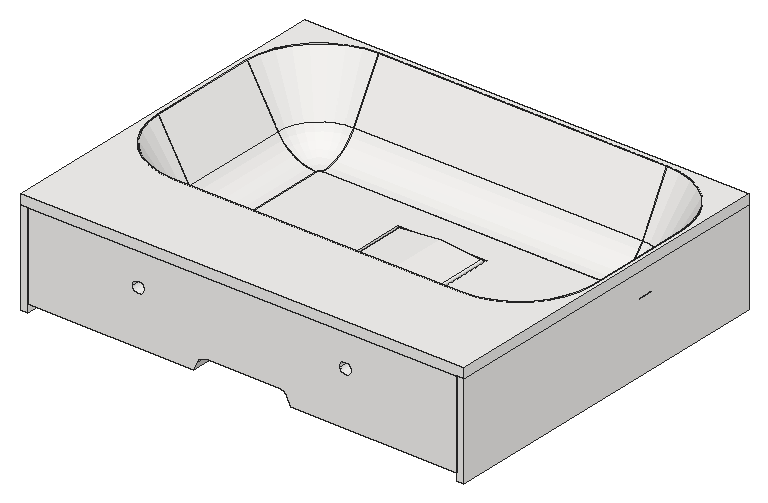
Revit family "Washbasins-hansgrohe-61095XXX-Xevolos E Countertop basin ground 600_480 without tap hole and overflow, SmartClean", category Plumbing Fixtures, Revit 2019
Family settings
  Round Connector Dimension = Use Diameter
  Part Type = Valve - Breaks Into
  OmniClass Number = 23.31.13.00
  Work Plane-Based = No
  Always vertical = Yes
  Cut with Voids When Loaded = No
  Shared = Yes
  Room Calculation Point = No
Parameters (values of type "61095-61095450-GLOSSY_WHITE-400")
  X2 = 0
  X1 = 280
  WEIGHT = "17"
  UNSPSC = "301815 | Sanitary ware"
  UNIFORMATII = "D2010 | Plumbing Fixtures"
  UNICLASS_2015_CODE = "40_20_96"
  UNICLASS2015 = "Pr_40_20_96 | Wash basins, sinks and troughs"
  TYP = 1
  TAP = 0
  SURFACE = "GLOSSY_WHITE"
  SPECIFICATION = "Surfaces:  - 61095450 White   Specification:  • consists of: countertop basin ground, waste set, cover  • material: ceramic  • SmartClean: dirt-repellent glaze • degree of gloss: glossy  • ceramic cover included • without tap hole • without overflow • without shelf • non-closing waste set • 600 x 480 mm • type of installation: built on and wall mounted  • suitable for cabinet"
  REGION = "Worldwide"
  PRODUCTURL = "https://pro.hansgrohe.com/articledetail--61095450"
  PRODUCTGROUP = "Washbasins"
  PRODUCTFAMILY = "Xevolos E"
  PERMALINK = "61095XXX"
  OMNICLASS = "23-31 13 00 | Sinks"
  OBJECTTYPE = "Object (single object)"
  NN = "Xevolos Washbasin"
  NBSYN = "$BASENUMBER.-$ARTNR.-$SURFACE.-$LODLEVEL."
  NB = "61095-61095450-GLOSSY_WHITE-400"
  NAME = "Xevolos E Countertop basin ground 600/480 without tap hole and overflow, SmartClean"
  Model = "61095-61095450-GLOSSY_WHITE-400"
  Manufacturer = "Hansgrohe"
  MIdent = "{$CADENAS_DATA/23d-libs/hansgrohe/xevolos_washbasin/xevolos_washbasin.prj},222 {VTYP=3D},{NB=61095-61095450-GLOSSY_WHITE-400},{LINA=61095-61095450-GLOSSY_WHITE-400},{NN=Xevolos Washbasin},{DATE=13.03.2023 11:34:45},{GEOMDATE=13.03.2023 11:34:00},{VERSION=},{LINEID=810},{WBVAR=LODLEVEL},{WBNUMERIC=}  {NB=61095-61095450-GLOSSY_WHITE-400},{LINA=61095-61095450-GLOSSY_WHITE-400},{KT=DUMMY},{IDNR=8},{ARTNR=61095450},{BASENUMBER=61095},{MODEL=61095XXX},{SURFACE=GLOSSY_WHITE},{LODLEVEL=400},{LODLEVELX='400','400','200','200'},{L=600.000},{LI=370.000},{X1=280.000},{X2=0.000},{DO=46.000},{DOT=35.000},{TAP=0},{TYP=1},{NAME=Xevolos E Countertop basin ground 600/480 without tap hole and overflow, SmartClean},{PERMALINK=61095XXX},{OBJECTTYPE=Object (single object)},{BIMOBJECT=Sanitary: Wash Basins},{PRODUCTFAMILY=Xevolos E},{PRODUCTGROUP=Washbasins},{WEIGHT=17},{DESCRIPTION=Xevolos E Countertop basin ground 600/480 without tap hole and overflow, SmartClean},{SPECIFICATION=Surfaces:  - 61095450 White   Specification:  • consists of: countertop basin ground, waste set, cover  • material: ceramic  • SmartClean: dirt-repellent glaze • degree of gloss: glossy  • ceramic cover included • without tap hole • without overflow • without shelf • non-closing waste set • 600 x 480 mm • type of installation: built on and wall mounted  • suitable for cabinet},{PRODUCTURL=https://pro.hansgrohe.com/articledetail--61095450},{GTINCODE=4059625420843},{IFC=Sanitary Terminal},{ETIM=EC011550 | Washbasin},{UNICLASS2015=Pr_40_20_96 | Wash basins, sinks and troughs},{OMNICLASS=23-31 13 00 | Sinks},{MASTERFORMAT=22 41 16.13 | Residential Lavatories},{UNSPSC=301815 | Sanitary ware},{UNIFORMATII=D2010 | Plumbing Fixtures},{REGION=Worldwide},{DESIGN=Germany},{MANUFACTURER=Germany}"
  MASTERFORMAT = "22 41 16.13 | Residential Lavatories"
  LODLEVEL = "400"
  LINA = "61095-61095450-GLOSSY_WHITE-400"
  LI = 370
  L = 600
  IFC = "Sanitary Terminal"
  GTINCODE = "4059625420843"
  ETIM = "EC011550 | Washbasin"
  DOT = 35
  DO = 46
  DESIGN = "Germany"
  CNSPipeRound/cp_Ausgang_1_V = no
  CATALOG = "Hansgrohe"
  BIMOBJECT = "Sanitary: Wash Basins"
  BASENUMBER = "61095"
  ARTNR = "61095450"
  61095-61095450-GLOSSY_WHITE-400_RX0RY0RZ0TX0TY0TZ0_V = yes
  61095-61095450-GLOSSY_WHITE-200_RX0RY0RZ0TX0TY0TZ0_V = no
Types (3, lengths in mm): name | NB | Model | MIdent | LODLEVEL | LINA | 61095-61095450-GLOSSY_WHITE-400_RX0RY0RZ0TX0TY0TZ0_V | 61095-61095450-GLOSSY_WHITE-200_RX0RY0RZ0TX0TY0TZ0_V
  (no name) | "61095-61095450-GLOSSY_WHITE-400" | "61095-61095450-GLOSSY_WHITE-400" | "{$CADENAS_DATA/23d-libs/hansgrohe/xevolos_washbasin/xevolos_washbasin.prj},222 {VTYP=3D},{NB=61095-61095450-GLOSSY_WHITE-400},{LINA=61095-61095450-GLOSSY_WHITE-400},{NN=Xevolos Washbasin},{DATE=13.03.2023 11:34:45},{GEOMDATE=13.03.2023 11:34:00},{VERSION=},{LINEID=810},{WBVAR=LODLEVEL},{WBNUMERIC=}  {NB=61095-61095450-GLOSSY_WHITE-400},{LINA=61095-61095450-GLOSSY_WHITE-400},{KT=DUMMY},{IDNR=8},{ARTNR=61095450},{BASENUMBER=61095},{MODEL=61095XXX},{SURFACE=GLOSSY_WHITE},{LODLEVEL=400},{LODLEVELX='400','400','200','200'},{L=600.000},{LI=370.000},{X1=280.000},{X2=0.000},{DO=46.000},{DOT=35.000},{TAP=0},{TYP=1},{NAME=Xevolos E Countertop basin ground 600/480 without tap hole and overflow, SmartClean},{PERMALINK=61095XXX},{OBJECTTYPE=Object (single object)},{BIMOBJECT=Sanitary: Wash Basins},{PRODUCTFAMILY=Xevolos E},{PRODUCTGROUP=Washbasins},{WEIGHT=17},{DESCRIPTION=Xevolos E Countertop basin ground 600/480 without tap hole and overflow, SmartClean},{SPECIFICATION=Surfaces:  - 61095450 White   Specification:  • consists of: countertop basin ground, waste set, cover  • material: ceramic  • SmartClean: dirt-repellent glaze • degree of gloss: glossy  • ceramic cover included • without tap hole • without overflow • without shelf • non-closing waste set • 600 x 480 mm • type of installation: built on and wall mounted  • suitable for cabinet},{PRODUCTURL=https://pro.hansgrohe.com/articledetail--61095450},{GTINCODE=4059625420843},{IFC=Sanitary Terminal},{ETIM=EC011550 | Washbasin},{UNICLASS2015=Pr_40_20_96 | Wash basins, sinks and troughs},{OMNICLASS=23-31 13 00 | Sinks},{MASTERFORMAT=22 41 16.13 | Residential Lavatories},{UNSPSC=301815 | Sanitary ware},{UNIFORMATII=D2010 | Plumbing Fixtures},{REGION=Worldwide},{DESIGN=Germany},{MANUFACTURER=Germany}" | "400" | "61095-61095450-GLOSSY_WHITE-400" | yes | yes
  61095-61095450-GLOSSY_WHITE-200 | "61095-61095450-GLOSSY_WHITE-200" | "61095-61095450-GLOSSY_WHITE-200" | "{$CADENAS_DATA/23d-libs/hansgrohe/xevolos_washbasin/xevolos_washbasin.prj},222 {VTYP=3D},{NB=61095-61095450-GLOSSY_WHITE-200},{LINA=61095-61095450-GLOSSY_WHITE-200},{NN=Xevolos Washbasin},{DATE=13.03.2023 11:34:45},{GEOMDATE=13.03.2023 11:34:00},{VERSION=},{LINEID=810},{WBVAR=LODLEVEL},{WBNUMERIC=}  {NB=61095-61095450-GLOSSY_WHITE-200},{LINA=61095-61095450-GLOSSY_WHITE-200},{KT=DUMMY},{IDNR=8},{ARTNR=61095450},{BASENUMBER=61095},{MODEL=61095XXX},{SURFACE=GLOSSY_WHITE},{LODLEVEL=200},{LODLEVELX='400','400','200','200'},{L=600.000},{LI=370.000},{X1=280.000},{X2=0.000},{DO=46.000},{DOT=35.000},{TAP=0},{TYP=1},{NAME=Xevolos E Countertop basin ground 600/480 without tap hole and overflow, SmartClean},{PERMALINK=61095XXX},{OBJECTTYPE=Object (single object)},{BIMOBJECT=Sanitary: Wash Basins},{PRODUCTFAMILY=Xevolos E},{PRODUCTGROUP=Washbasins},{WEIGHT=17},{DESCRIPTION=Xevolos E Countertop basin ground 600/480 without tap hole and overflow, SmartClean},{SPECIFICATION=Surfaces:  - 61095450 White   Specification:  • consists of: countertop basin ground, waste set, cover  • material: ceramic  • SmartClean: dirt-repellent glaze • degree of gloss: glossy  • ceramic cover included • without tap hole • without overflow • without shelf • non-closing waste set • 600 x 480 mm • type of installation: built on and wall mounted  • suitable for cabinet},{PRODUCTURL=https://pro.hansgrohe.com/articledetail--61095450},{GTINCODE=4059625420843},{IFC=Sanitary Terminal},{ETIM=EC011550 | Washbasin},{UNICLASS2015=Pr_40_20_96 | Wash basins, sinks and troughs},{OMNICLASS=23-31 13 00 | Sinks},{MASTERFORMAT=22 41 16.13 | Residential Lavatories},{UNSPSC=301815 | Sanitary ware},{UNIFORMATII=D2010 | Plumbing Fixtures},{REGION=Worldwide},{DESIGN=Germany},{MANUFACTURER=Germany}" | "200" | "61095-61095450-GLOSSY_WHITE-200" | no | yes
  61095-61095450-GLOSSY_WHITE-400 | "61095-61095450-GLOSSY_WHITE-400" | "61095-61095450-GLOSSY_WHITE-400" | "{$CADENAS_DATA/23d-libs/hansgrohe/xevolos_washbasin/xevolos_washbasin.prj},222 {VTYP=3D},{NB=61095-61095450-GLOSSY_WHITE-400},{LINA=61095-61095450-GLOSSY_WHITE-400},{NN=Xevolos Washbasin},{DATE=13.03.2023 11:34:45},{GEOMDATE=13.03.2023 11:34:00},{VERSION=},{LINEID=810},{WBVAR=LODLEVEL},{WBNUMERIC=}  {NB=61095-61095450-GLOSSY_WHITE-400},{LINA=61095-61095450-GLOSSY_WHITE-400},{KT=DUMMY},{IDNR=8},{ARTNR=61095450},{BASENUMBER=61095},{MODEL=61095XXX},{SURFACE=GLOSSY_WHITE},{LODLEVEL=400},{LODLEVELX='400','400','200','200'},{L=600.000},{LI=370.000},{X1=280.000},{X2=0.000},{DO=46.000},{DOT=35.000},{TAP=0},{TYP=1},{NAME=Xevolos E Countertop basin ground 600/480 without tap hole and overflow, SmartClean},{PERMALINK=61095XXX},{OBJECTTYPE=Object (single object)},{BIMOBJECT=Sanitary: Wash Basins},{PRODUCTFAMILY=Xevolos E},{PRODUCTGROUP=Washbasins},{WEIGHT=17},{DESCRIPTION=Xevolos E Countertop basin ground 600/480 without tap hole and overflow, SmartClean},{SPECIFICATION=Surfaces:  - 61095450 White   Specification:  • consists of: countertop basin ground, waste set, cover  • material: ceramic  • SmartClean: dirt-repellent glaze • degree of gloss: glossy  • ceramic cover included • without tap hole • without overflow • without shelf • non-closing waste set • 600 x 480 mm • type of installation: built on and wall mounted  • suitable for cabinet},{PRODUCTURL=https://pro.hansgrohe.com/articledetail--61095450},{GTINCODE=4059625420843},{IFC=Sanitary Terminal},{ETIM=EC011550 | Washbasin},{UNICLASS2015=Pr_40_20_96 | Wash basins, sinks and troughs},{OMNICLASS=23-31 13 00 | Sinks},{MASTERFORMAT=22 41 16.13 | Residential Lavatories},{UNSPSC=301815 | Sanitary ware},{UNIFORMATII=D2010 | Plumbing Fixtures},{REGION=Worldwide},{DESIGN=Germany},{MANUFACTURER=Germany}" | "400" | "61095-61095450-GLOSSY_WHITE-400" | yes | no
Reference planes
  plane 1 "Center (Front/Back)": y = 0
  plane 2: z = 0
  plane 3 "Center (Left/Right)": x = 0
Dimensions and locks
  aligned and locked: level to plane 2
Nested families
  nested 1: "61095-61095450-glossy_white-200_content" at (0, 0, 0), visible <- "61095-61095450-GLOSSY_WHITE-200_RX0RY0RZ0TX0TY0TZ0_V", ContentVisible <- "61095-61095450-GLOSSY_WHITE-200_RX0RY0RZ0TX0TY0TZ0_V", type "61095-61095450-GLOSSY_WHITE-200_Content"
    with ContentVisible no
  nested 2: "61095-61095450-glossy_white-400_content" at (0, 0, 0), visible <- "61095-61095450-GLOSSY_WHITE-400_RX0RY0RZ0TX0TY0TZ0_V", ContentVisible <- "61095-61095450-GLOSSY_WHITE-400_RX0RY0RZ0TX0TY0TZ0_V", type "61095-61095450-GLOSSY_WHITE-400_Content"
    with ContentVisible yes
  nested 3: "ConnectorHost2019" at (0, 0, 0), visible <- "CNSPipeRound/cp_Ausgang_1_V", type "ConnectorHost2019"
    with Visible no, TransZ 0 mm, TransY 0 mm, TransX 0 mm, ScaleZ 1 mm, ScaleY 1 mm, ScaleX 1 mm, RotZ 180.00°, RotY 360.00°, RotX 180.00°
Connectors
  piping at (0, 0, 0), diameter 46
    settings: on nested 3, index 1, connector inside diameter 609.6 mm, connector length 0 mm, flow factor 0, pipe flow 0.0 L/s, pressure drop 0.0 Pa, fitting loss kfactor 0, connector angle 0.00°, fixture units 0, engagement length 0 mm, angle of deflection 0.00°, flow configuration 0, flow direction 2, fitting loss method 0, system type 29, joint type 0, gender type 0, connector reference index -1, connector utility 0, adjustable connector no, is connector primary yes, connector description ""
Definition of nested family "61095-61095450-glossy_white-400_content"
  Parameters (values of type "61095-61095450-GLOSSY_WHITE-400_Content")
    X2 = 0
    X1 = 280
    WEIGHT = "17"
    UNSPSC = "301815 | Sanitary ware"
    UNIFORMATII = "D2010 | Plumbing Fixtures"
    UNICLASS_2015_CODE = "40_20_96"
    UNICLASS2015 = "Pr_40_20_96 | Wash basins, sinks and troughs"
    TYP = 1
    TAP = 0
    SURFACE = "GLOSSY_WHITE"
    SPECIFICATION = "Surfaces:  - 61095450 White   Specification:  • consists of: countertop basin ground, waste set, cover  • material: ceramic  • SmartClean: dirt-repellent glaze • degree of gloss: glossy  • ceramic cover included • without tap hole • without overflow • without shelf • non-closing waste set • 600 x 480 mm • type of installation: built on and wall mounted  • suitable for cabinet"
    REGION = "Worldwide"
    PRODUCTURL = "https://pro.hansgrohe.com/articledetail--61095450"
    PRODUCTGROUP = "Washbasins"
    PRODUCTFAMILY = "Xevolos E"
    PERMALINK = "61095XXX"
    OMNICLASS = "23-31 13 00 | Sinks"
    OBJECTTYPE = "Object (single object)"
    NN = "Xevolos Washbasin"
    NBSYN = "$BASENUMBER.-$ARTNR.-$SURFACE.-$LODLEVEL."
    NB = "61095-61095450-GLOSSY_WHITE-400"
    NAME = "Xevolos E Countertop basin ground 600/480 without tap hole and overflow, SmartClean"
    Model = "61095-61095450-GLOSSY_WHITE-400"
    Manufacturer = "Hansgrohe"
    MASTERFORMAT = "22 41 16.13 | Residential Lavatories"
    LODLEVEL = "400"
    LINA = "61095-61095450-GLOSSY_WHITE-400"
    LI = 370
    L = 600
    IFC = "Sanitary Terminal"
    GTINCODE = "4059625420843"
    ETIM = "EC011550 | Washbasin"
    Default Elevation = 1219.2 mm
    DOT = 35
    DO = 46
    DESIGN = "Germany"
    ContentVisible [instance] = yes
    CATALOG = "Hansgrohe"
    BIMOBJECT = "Sanitary: Wash Basins"
    BASENUMBER = "61095"
    ARTNR = "61095450"
  Reference planes
    plane 1 "Center (Front/Back)": y = 0
    plane 2: z = 0
    plane 3 "Center (Left/Right)": x = 0
  Forms (mm)
    Extrusion 1, solid, visible <- "ContentVisible", detail levels medium+fine
      sketch origin (0, -295, 7) x (0, 0, -1) y (0, -1, 0)
        loop
          line (-140, -474) -> (-121, -474) -> (-62.906, -440.46)
          arc (-62.906, -440.46) -> (-37.353, -414.906) -> (-28, -380) r 69.813
          line (-28, -380) -> (-37.5, -380)
          arc (-37.5, -380) -> (-45.58, -410.156) -> (-67.656, -432.232) r 60.313
          line (-67.656, -432.232) -> (-140, -474)
      from -195 to 195
    Revolve 2, solid, visible <- "ContentVisible", detail levels medium+fine
      sketch origin (-195, -295, 7) x (0, 0, -1) y (0, -1, 0)
        loop
          line (-140, -474) -> (-121, -474) -> (-62.906, -440.46)
          arc (-62.906, -440.46) -> (-37.353, -414.906) -> (-28, -380) r 69.813
          line (-28, -380) -> (-37.5, -380)
          arc (-37.5, -380) -> (-45.58, -410.156) -> (-67.656, -432.232) r 60.313
          line (-67.656, -432.232) -> (-140, -474)
        axis (-140, -375) -> (-28, -375)
      angle from -90 to 0
    Extrusion 3, solid, visible <- "ContentVisible", detail levels medium+fine
      sketch origin (0, -70, 7) x (-1, 0, 0) y (0, 0, -1)
        loop
          line (200, -28) -> (200, -37.5)
          arc (200, -37.5) -> (230.156, -45.58) -> (252.232, -67.656) r 60.313
          line (252.232, -67.656) -> (294, -140) -> (294, -121) -> (260.46, -62.906)
          arc (260.46, -62.906) -> (234.906, -37.353) -> (200, -28) r 69.813
      from -150 to 0
    Revolve 4, solid, visible <- "ContentVisible", detail levels medium+fine
      sketch origin (-195, -295, 7) x (0, 0, -1) y (0, -1, 0)
        loop
          line (-140, -126) -> (-67.656, -167.768)
          arc (-67.656, -167.768) -> (-45.58, -189.844) -> (-37.5, -220) r 60.313
          line (-37.5, -220) -> (-28, -220)
          arc (-28, -220) -> (-37.353, -185.094) -> (-62.906, -159.54) r 69.813
          line (-62.906, -159.54) -> (-121, -126) -> (-140, -126)
        axis (-28, -225) -> (-140, -225)
      angle from -90 to 0
    Extrusion 5, solid, visible <- "ContentVisible", detail levels medium+fine
      sketch origin (0, -295, 7) x (0, 0, -1) y (0, -1, 0)
        loop
          line (-140, -126) -> (-67.656, -167.768)
          arc (-67.656, -167.768) -> (-45.58, -189.844) -> (-37.5, -220) r 60.313
          line (-37.5, -220) -> (-28, -220)
          arc (-28, -220) -> (-37.353, -185.094) -> (-62.906, -159.54) r 69.813
          line (-62.906, -159.54) -> (-121, -126) -> (-140, -126)
      from -195 to 195
    Revolve 6, solid, visible <- "ContentVisible", detail levels medium+fine
      sketch origin (195, -295, 7) x (0, 0, -1) y (0, -1, 0)
        loop
          line (-140, -126) -> (-67.656, -167.768)
          arc (-67.656, -167.768) -> (-45.58, -189.844) -> (-37.5, -220) r 60.313
          line (-37.5, -220) -> (-28, -220)
          arc (-28, -220) -> (-37.353, -185.094) -> (-62.906, -159.54) r 69.813
          line (-62.906, -159.54) -> (-121, -126) -> (-140, -126)
        axis (-28, -225) -> (-140, -225)
      angle from 0 to 90
    Extrusion 7, solid, visible <- "ContentVisible", detail levels medium+fine
      sketch origin (0, -70, 7) x (-1, 0, 0) y (0, 0, -1)
        loop
          line (-294, -121) -> (-294, -140) -> (-252.232, -67.656)
          arc (-252.232, -67.656) -> (-230.156, -45.58) -> (-200, -37.5) r 60.313
          line (-200, -37.5) -> (-200, -28)
          arc (-200, -28) -> (-234.906, -37.353) -> (-260.46, -62.906) r 69.813
          line (-260.46, -62.906) -> (-294, -121)
      from -150 to 0
    Revolve 8, solid, visible <- "ContentVisible", detail levels medium+fine
      sketch origin (195, -295, 7) x (0, 0, -1) y (0, -1, 0)
        loop
          line (-140, -474) -> (-121, -474) -> (-62.906, -440.46)
          arc (-62.906, -440.46) -> (-37.353, -414.906) -> (-28, -380) r 69.813
          line (-28, -380) -> (-37.5, -380)
          arc (-37.5, -380) -> (-45.58, -410.156) -> (-67.656, -432.232) r 60.313
          line (-67.656, -432.232) -> (-140, -474)
        axis (-140, -375) -> (-28, -375)
      angle from 0 to 90
    Extrusion 9, solid, visible <- "ContentVisible", detail levels medium+fine
      sketch origin (0, -295, 35) x (-1, 0, 0) y (0, -1, 0)
        loop
          line (-200, -225) -> (-200, -375)
          arc (-200, -375) -> (-198.536, -378.536) -> (-195, -380) r 5
          line (-195, -380) -> (195, -380)
          arc (195, -380) -> (198.536, -378.536) -> (200, -375) r 5
          line (200, -375) -> (200, -225)
          arc (200, -225) -> (198.536, -221.464) -> (195, -220) r 5
          line (195, -220) -> (-195, -220)
          arc (-195, -220) -> (-198.536, -221.464) -> (-200, -225) r 5
        loop
          line (-60, -252.5) -> (-60, -337.5) -> (60, -337.5) -> (60, -252.5) -> (-60, -252.5)
      from 0 to 9.5
    Extrusion 10, solid, visible <- "ContentVisible", detail levels medium+fine
      sketch origin (0, -295, 147) x (-1, 0, 0) y (0, -1, 0)
        loop
          line (-300, -480) -> (300, -480) -> (300, 0) -> (-300, 0) -> (-300, -480)
        loop
          line (-294, -226) -> (-294, -374)
          arc (-294, -374) -> (-264.711, -444.711) -> (-194, -474) r 100
          line (-194, -474) -> (194, -474)
          arc (194, -474) -> (264.711, -444.711) -> (294, -374) r 100
          line (294, -374) -> (294, -226)
          arc (294, -226) -> (264.711, -155.289) -> (194, -126) r 100
          line (194, -126) -> (-194, -126)
          arc (-194, -126) -> (-264.711, -155.289) -> (-294, -226) r 100
      from -13 to 0
    Extrusion 11, solid, visible <- "ContentVisible", detail levels medium+fine
      sketch origin (0, -295, 134) x (-1, 0, 0) y (0, -1, 0)
        loop
          line (-300, -480) -> (300, -480) -> (300, 0) -> (290, 0) -> (290, -470) -> (-290, -470) -> (-290, 0) -> (-300, 0) -> (-300, -480)
      from -127 to 0
    Extrusion 12, solid, visible <- "ContentVisible", detail levels medium+fine
      sketch origin (0, -295, 17) x (-1, 0, 0) y (0, -1, 0)
        loop
          line (-290, -35) -> (-290, -470) -> (290, -470) -> (290, -35) -> (250, -35) -> (250, -380)
          arc (250, -380) -> (235.355, -415.355) -> (200, -430) r 50
          line (200, -430) -> (-200, -430)
          arc (-200, -430) -> (-235.355, -415.355) -> (-250, -380) r 50
          line (-250, -380) -> (-250, -35) -> (-290, -35)
      from 0 to 50
    Extrusion 13, solid, visible <- "ContentVisible", detail levels medium+fine
      sketch origin (0, -295, 7) x (-1, 0, 0) y (0, 0, -1)
        loop
          line (-290, -10) -> (-290, -127) -> (290, -127) -> (290, -10) -> (65, -10) -> (59.568, -21.649)
          arc (59.568, -21.649) -> (55.509, -26.277) -> (49.599, -28) r 11
          line (49.599, -28) -> (-49.599, -28)
          arc (-49.599, -28) -> (-55.509, -26.277) -> (-59.568, -21.649) r 11
          line (-59.568, -21.649) -> (-65, -10) -> (-290, -10)
      from -35 to 0
    Extrusion 14, solid, visible <- "ContentVisible", detail levels medium+fine
      sketch origin (-185, -295, 7) x (0, 0, -1) y (0, -1, 0)
        loop
          line (-127, -35) -> (-127, -127.732) -> (-65.156, -163.437)
          arc (-65.156, -163.437) -> (-41.25, -187.344) -> (-32.5, -220) r 65.313
          line (-32.5, -220) -> (-32.5, -380)
          arc (-32.5, -380) -> (-39.303, -409.023) -> (-58.294, -432) r 65.313
          line (-58.294, -432) -> (-30.544, -432) -> (-10, -40) -> (-10, -35) -> (-127, -35)
      from 0 to 75
    Extrusion 15, solid, visible <- "ContentVisible", detail levels medium+fine
      sketch origin (185, -295, 7) x (0, 0, -1) y (0, -1, 0)
        loop
          line (-127, -35) -> (-127, -127.732) -> (-65.156, -163.437)
          arc (-65.156, -163.437) -> (-41.25, -187.344) -> (-32.5, -220) r 65.313
          line (-32.5, -220) -> (-32.5, -380)
          arc (-32.5, -380) -> (-39.303, -409.023) -> (-58.294, -432) r 65.313
          line (-58.294, -432) -> (-30.544, -432) -> (-10, -40) -> (-10, -35) -> (-127, -35)
      from -75 to 0
    Extrusion 16, solid, visible <- "ContentVisible", detail levels medium+fine
      sketch origin (0, -295, 17) x (-1, 0, 0) y (0, -1, 0)
        loop
          line (-72, -261.5) -> (-72, -328.5)
          arc (-72, -328.5) -> (-65.703, -343.703) -> (-50.5, -350) r 21.5
          line (-50.5, -350) -> (50.5, -350)
          arc (50.5, -350) -> (65.703, -343.703) -> (72, -328.5) r 21.5
          line (72, -328.5) -> (72, -261.5)
          arc (72, -261.5) -> (65.703, -246.297) -> (50.5, -240) r 21.5
          line (50.5, -240) -> (-50.5, -240)
          arc (-50.5, -240) -> (-65.703, -246.297) -> (-72, -261.5) r 21.5
      from 0 to 18
    Revolve 17, solid, visible <- "ContentVisible", detail levels medium+fine
      sketch origin (0, 0, 7) x (-1, 0, 0) y (0, 0, -1)
        loop
          line (23, -4.5) -> (42.5, -27.441) -> (42.5, -10) -> (34, 0) -> (34, 7) -> (23, 7) -> (23, -4.5)
        axis (0, -27.441) -> (0, 7)
      angle from -360 to 0
    Extrusion 18, solid, visible <- "ContentVisible", detail levels medium+fine
      sketch origin (0, -295, -3) x (-1, 0, 0) y (0, -1, 0)
        loop
          circle (0, -295) r 7.5
      from 0 to 41
    Extrusion 19, solid, visible <- "ContentVisible", detail levels medium+fine
      sketch origin (0, -295, 38) x (-1, 0, 0) y (0, -1, 0)
        loop
          circle (0, -295) r 32.5
      from 0 to 2
    Extrusion 20, solid, visible <- "ContentVisible", detail levels medium+fine
      sketch origin (0, 0, 7) x (-1, 0, 0) y (0, 0, -1)
        loop
          arc (-54.85, -33) -> (-57.5, -35.65) -> (-54.85, -38.3) r 2.65
          arc (-54.85, -38.3) -> (0, -43.036) -> (54.85, -38.3) r 320
          arc (54.85, -38.3) -> (57.5, -35.65) -> (54.85, -33) r 2.65
          line (54.85, -33) -> (-54.85, -33)
      from -40 to 40
    Extrusion 21, void, detail levels medium+fine
      sketch origin (0, -295, 7) x (-1, 0, 0) y (0, 0, -1)
        loop
          circle (140, -83) r 8
      from -30 to 30
    Extrusion 22, void, detail levels medium+fine
      sketch origin (0, -295, 7) x (-1, 0, 0) y (0, 0, -1)
        loop
          circle (-140, -83) r 8
      from -30 to 30
    Extrusion 23, solid, visible <- "ContentVisible", detail levels coarse
      sketch origin (0, -55, -3) x (1, 0, 0) y (0, 1, 0)
        loop
          line (-300, -240) -> (300, -240) -> (300, 240) -> (-300, 240) -> (-300, -240)
      from 0 to 150
  Cuts and joins
    Extrusion 21, Extrusion 22 cuts Extrusion 1
    Extrusion 21, Extrusion 22 cuts Revolve 2
    Extrusion 21, Extrusion 22 cuts Extrusion 3
    Extrusion 21, Extrusion 22 cuts Revolve 4
    Extrusion 21, Extrusion 22 cuts Extrusion 5
    Extrusion 21, Extrusion 22 cuts Revolve 6
    Extrusion 21, Extrusion 22 cuts Extrusion 7
    Extrusion 21, Extrusion 22 cuts Revolve 8
    Extrusion 21, Extrusion 22 cuts Extrusion 9
    Extrusion 21, Extrusion 22 cuts Extrusion 10
    Extrusion 21, Extrusion 22 cuts Extrusion 11
    Extrusion 21, Extrusion 22 cuts Extrusion 12
    Extrusion 21, Extrusion 22 cuts Extrusion 13
    Extrusion 21, Extrusion 22 cuts Extrusion 14
    Extrusion 21, Extrusion 22 cuts Extrusion 15
    Extrusion 21, Extrusion 22 cuts Extrusion 16
    Extrusion 21, Extrusion 22 cuts Revolve 17
    Extrusion 21, Extrusion 22 cuts Extrusion 18
    Extrusion 21, Extrusion 22 cuts Extrusion 19
    Extrusion 21, Extrusion 22 cuts Extrusion 20
  Dimensions and locks
    aligned and locked: level to plane 2
Definition of nested family "61095-61095450-glossy_white-200_content"
  Parameters (values of type "61095-61095450-GLOSSY_WHITE-200_Content")
    X2 = 0
    X1 = 280
    WEIGHT = "17"
    UNSPSC = "301815 | Sanitary ware"
    UNIFORMATII = "D2010 | Plumbing Fixtures"
    UNICLASS_2015_CODE = "40_20_96"
    UNICLASS2015 = "Pr_40_20_96 | Wash basins, sinks and troughs"
    TYP = 1
    TAP = 0
    SURFACE = "GLOSSY_WHITE"
    SPECIFICATION = "Surfaces:  - 61095450 White   Specification:  • consists of: countertop basin ground, waste set, cover  • material: ceramic  • SmartClean: dirt-repellent glaze • degree of gloss: glossy  • ceramic cover included • without tap hole • without overflow • without shelf • non-closing waste set • 600 x 480 mm • type of installation: built on and wall mounted  • suitable for cabinet"
    REGION = "Worldwide"
    PRODUCTURL = "https://pro.hansgrohe.com/articledetail--61095450"
    PRODUCTGROUP = "Washbasins"
    PRODUCTFAMILY = "Xevolos E"
    PERMALINK = "61095XXX"
    OMNICLASS = "23-31 13 00 | Sinks"
    OBJECTTYPE = "Object (single object)"
    NN = "Xevolos Washbasin"
    NBSYN = "$BASENUMBER.-$ARTNR.-$SURFACE.-$LODLEVEL."
    NB = "61095-61095450-GLOSSY_WHITE-200"
    NAME = "Xevolos E Countertop basin ground 600/480 without tap hole and overflow, SmartClean"
    Model = "61095-61095450-GLOSSY_WHITE-200"
    Manufacturer = "Hansgrohe"
    MASTERFORMAT = "22 41 16.13 | Residential Lavatories"
    LODLEVEL = "200"
    LINA = "61095-61095450-GLOSSY_WHITE-200"
    LI = 370
    L = 600
    IFC = "Sanitary Terminal"
    GTINCODE = "4059625420843"
    ETIM = "EC011550 | Washbasin"
    Default Elevation = 1219.2 mm
    DOT = 35
    DO = 46
    DESIGN = "Germany"
    ContentVisible [instance] = yes
    CATALOG = "Hansgrohe"
    BIMOBJECT = "Sanitary: Wash Basins"
    BASENUMBER = "61095"
    ARTNR = "61095450"
  Reference planes
    plane 1 "Center (Front/Back)": y = 0
    plane 2: z = 0
    plane 3 "Center (Left/Right)": x = 0
  Forms (mm)
    Extrusion 1, solid, visible <- "ContentVisible", detail levels medium+fine
      sketch origin (0, -295, 147) x (-1, 0, 0) y (0, -1, 0)
        loop
          line (-300, -480) -> (300, -480) -> (300, 0) -> (-300, 0) -> (-300, -480)
      from -140 to 0
    Extrusion 2, void, detail levels medium+fine
      sketch origin (0, -295, 147) x (-1, 0, 0) y (0, -1, 0)
        loop
          line (-294, -126) -> (-294, -474) -> (294, -474) -> (294, -126) -> (-294, -126)
      from -102.5 to 0
    Extrusion 3, solid, visible <- "ContentVisible", detail levels medium+fine
      sketch origin (0, -295, 7) x (-1, 0, 0) y (0, -1, 0)
        loop
          circle (0, -295) r 34
      from -10 to 0
    Extrusion 4, solid, visible <- "ContentVisible", detail levels coarse
      sketch origin (0, -55, -3) x (1, 0, 0) y (0, 1, 0)
        loop
          line (-300, -240) -> (300, -240) -> (300, 240) -> (-300, 240) -> (-300, -240)
      from 0 to 150
  Cuts and joins
    Extrusion 2 cuts Extrusion 1
  Dimensions and locks
    aligned and locked: level to plane 2
